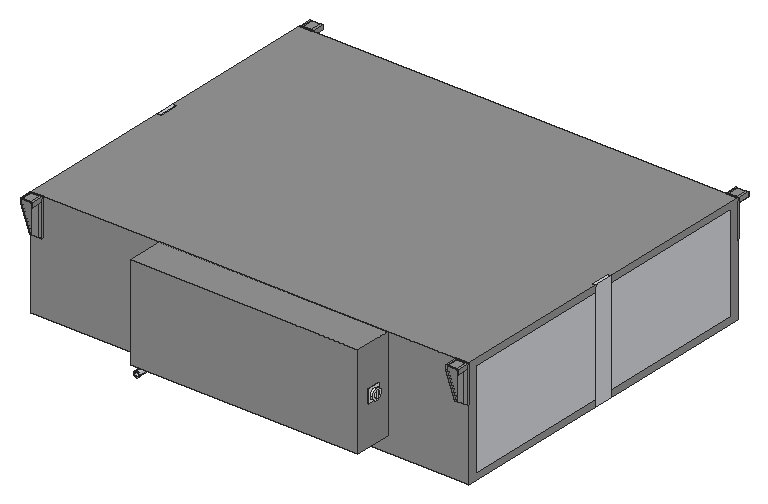
Revit family "НЕВАТОМ_Neiva 2 подвесная CX-Е-R 600, Версия 2", category Оборудование, Revit 2017
Family settings
  Размер круглого соединителя = Использовать диаметр
  Тип детали = Нормальный
  На основе рабочей плоскости = Да
  Всегда вертикально = Нет
  При загрузке вырезать с полостями = Нет
  Общий = Нет
  Точка расчета площади = Нет
Parameters (values of type "СX-600-E-R")
  а1 = 40 mm
  а = 456 mm
  Default Elevation = 1219.2 mm
  m = 271 mm
  l1 = 757 mm
  l штуцер = 125 mm
  l двигателя = 1 mm
  l = 271 mm
  k = 20 mm
  h4 = 62 mm
  h3 = 280 mm
  h двигателя = 362 mm
  h = 0 mm
  d штуцер = 0 mm
  b1 = 122.962 mm
  b двигателя = 536.654 mm
  Nevatom_Производительность = "300-900 м³/ч"
  Nevatom_Напорная характеристика, Р1 = 350.0 Pa
  Nevatom_Напорная характеристика, P = 0.0 Pa
  Nevatom_Мощность нагревателя = 4500 W
  Nevatom_Для задания электроснабжения = "380 В"
  Nevatom_URL = "https://t.me/NEVATOM_Bim_bot"
  Nevatom_Q1, м³/ч = 650.0 m³/h
  Nevatom_Q, м³/ч = 300.0 m³/h
  L = 1460 mm
  H1 = 362 mm
  D PG 16 [instance] = 25 mm
  D PG 11 [instance] = 22 mm
  B = 1122 mm
  ADSK_материал = материал курпуса
  ADSK_Ток = 1.4 A
  ADSK_Расход жидкости = 0.0 m³/h
  ADSK_Расход воздуха = 0.0 m³/h
  ADSK_Размер_Ширина = B  # 1122 mm
  ADSK_Размер_Длина = L  # 1460 mm
  ADSK_Размер_Высота = 362 mm
  ADSK_Примечание = ""
  ADSK_Потеря давления воздуха = 0.0 Pa
  ADSK_Полная мощность = ADSK_Номинальная мощность / ADSK_Коэффициент мощности  # 210 VA
  ADSK_Номинальная мощность = 168 W
  ADSK_Напряжение = 220 V
  ADSK_Наименование = "СX-600-E-R"
  ADSK_Масса = 109
  ADSK_Марка = "СX-600-E-R"
  ADSK_Коэффициент мощности = 0.8  # constant formula
  ADSK_Количество фаз числовое = 3  # constant formula
  ADSK_Количество фаз = 3  # constant formula
  ADSK_Количество = 1  # constant formula
  ADSK_Код изделия = ""
  ADSK_Завод-изготовитель = "НЕВАТОМ"  # constant formula
  ADSK_Единица измерения = "шт."
  ADSK_URL документации изделия = ""
  A6 = 270 mm
  A1 = 500 mm
Reference planes
  plane 1 "По центру (Вперед/Назад)": y = 0
  plane 2: z = 0
  plane 3 "По центру (Влево/Вправо)": x = 0
  plane 4: y = 561
  plane 5: y = -561
  plane 6: x = -730
  plane 7: x = 730
  plane 8: z = 362
  plane 9: x = 459
  plane 10: y = -683.962
  plane 11: x = -298
  plane 12: z = 362
  plane 13: y = -31
  plane 14: y = 31
  plane 15: y = -531
  plane 16: y = 531
  plane 17: z = 20
  plane 18: z = 290
  plane 19: z = 82
  plane 20: z = -42
  plane 21: z = 320
  plane 22: x = -731
  plane 23: y = -24.346
  plane 24: z = 342
Forms (mm)
  Extrusion 1, solid, material "материал курпуса" <- "ADSK_материал"
    sketch origin (0, 0, 0) x (1, 0, 0) y (0, 1, 0)
      loop
        line (-730, 561) -> (-730, -561) -> (730, -561) -> (730, 561) -> (-730, 561)
    from 0 to 20
  Extrusion 2, solid, material "материал курпуса" <- "ADSK_материал"
    sketch origin (1.306, 0, 283.026) x (1, 0, 0) y (0, 1, 0)
      loop
        line (-731.306, 561) -> (-731.306, -561) -> (728.694, -561) -> (728.694, 561) -> (-731.306, 561)
    from 58.974 to 78.974
  Extrusion 3, solid, material "материал курпуса" <- "ADSK_материал"
    sketch origin (0, -325, 0) x (1, 0, 0) y (0, 1, 0)
      loop
        line (-730, 886) -> (-730, 876) -> (730, 876) -> (730, 886) -> (-730, 886)
    from 0 to 362
  Extrusion 4, solid, material "материал курпуса" <- "ADSK_материал"
    sketch origin (0, -1228.795, 0) x (1, 0, 0) y (0, 1, 0)
      loop
        line (-730, 677.795) -> (-730, 667.795) -> (730, 667.795) -> (730, 677.795) -> (-730, 677.795)
    from 0 to 362
  Extrusion 5, solid, material "материал курпуса" <- "ADSK_материал"
    sketch origin (0, -970, 0) x (0, 1, 0) y (0, 0, 1)
      loop
        line (439, 362) -> (409, 362) -> (409, 0) -> (439, 0) -> (439, 362)
    from 718.434 to 730
  Extrusion 6, solid, material "материал курпуса" <- "ADSK_материал"
    sketch origin (-1425, 0, 0) x (0, 1, 0) y (0, 0, 1)
      loop
        line (561, 362) -> (531, 362) -> (531, 0) -> (561, 0) -> (561, 362)
    from 695 to 706.566
  Extrusion 7, solid, material "материал курпуса" <- "ADSK_материал"
    sketch origin (-1425, -1046.075, 0) x (0, 1, 0) y (0, 0, 1)
      loop
        line (515.075, 362) -> (485.075, 362) -> (485.075, 0) -> (515.075, 0) -> (515.075, 362)
    from 695 to 706.566
  Extrusion 8, solid
    sketch origin (0, 0, 0) x (0, 1, 0) y (0, 0, 1)
      loop
        line (31, 0) -> (31, 362) -> (-31, 362) -> (-31, 0) -> (31, 0)
    from 718.434 to 730
  Extrusion 9, solid
    sketch origin (-1350, 0, 0) x (0, 1, 0) y (0, 0, 1)
      loop
        line (31, 0) -> (31, 362) -> (-31, 362) -> (-31, 0) -> (31, 0)
    from 620 to 631.566
  Extrusion 10, solid, not visible
    sketch origin (0, 0, 0) x (1, 0, 0) y (0, 1, 0)
      loop
        line (-731, -24.346) -> (-731, -561) -> (-730, -561) -> (-730, -24.346) -> (-731, -24.346)
    from 0 to 362
  Extrusion 11, solid, material "материал курпуса" <- "ADSK_материал"
    sketch origin (0, 970, 0) x (0, -1, 0) y (0, 0, -1)
      loop
        line (439, -362) -> (439, 0) -> (409, 0) -> (409, -362) -> (439, -362)
    from 718.434 to 730
  Extrusion 12, solid
    sketch origin (0, 0, 0) x (1, 0, 0) y (0, 1, 0)
      loop
        line (710.215, 531) -> (710.215, 31) -> (730, 31) -> (730, 531) -> (710.215, 531)
    from 20 to 342
  Extrusion 13, solid
    sketch origin (0, 0, 0) x (-1, 0, 0) y (0, -1, 0)
      loop
        line (710.215, -531) -> (730, -531) -> (730, -31) -> (710.215, -31) -> (710.215, -531)
    from 20 to 342
  Extrusion 14, solid
    sketch origin (0, 0, 0) x (1, 0, 0) y (0, 1, 0)
      loop
        line (710.215, -531) -> (730, -531) -> (730, -31) -> (710.215, -31) -> (710.215, -531)
    from 20 to 342
  Extrusion 15, solid
    sketch origin (0, 0, 0) x (-1, 0, 0) y (0, -1, 0)
      loop
        line (710.215, 531) -> (710.215, 31) -> (730, 31) -> (730, 531) -> (710.215, 531)
    from 20 to 342
  Extrusion 16, solid, material "материал курпуса" <- "ADSK_материал"
    sketch origin (161, 0, 0) x (-1, 0, 0) y (0, -1, 0)
      loop
        line (-298, 561) -> (459, 561) -> (459, 683.962) -> (-298, 683.962) -> (-298, 561)
    from 50 to 362
Cuts and joins
  joined: Extrusion 1, Extrusion 2, Extrusion 3, Extrusion 4, Extrusion 5, Extrusion 6, Extrusion 7, Extrusion 11
Lines and regions (mm)
  reference lines
    curve 1: line (-883.416, -293.11, 0) -> (-298, -293.11, 0)
    curve 2: line (-298, -293.11, 0) -> (459, 281, 0)
    curve 3: line (459, 281, 0) -> (960, 281, 0)
    curve 4: line (914.089, -281, 0) -> (459, -281, 0)
    curve 5: line (459, -281, 0) -> (-298, 281, 0)
    curve 6: line (-298, 281, 0) -> (-960, 281, 0)
    curve 7: line (0, -531, 360) -> (0, -531, 362)
    curve 8: line (730, -281, 0) -> (890, -281, 0)
    curve 9: line (914.089, -281, 0) -> (861.056, -334.033, 0)
    curve 10: line (914.089, -281, 0) -> (861.056, -227.967, 0)
    curve 11: line (-960, 281, 0) -> (-1013.033, 227.967, 0)
    curve 12: line (-960, 281, 0) -> (-1013.033, 334.033, 0)
    curve 13: line (960, 281, 0) -> (1013.033, 227.967, 0)
    curve 14: line (960, 281, 0) -> (1013.033, 334.033, 0)
    curve 15: line (-883.416, -293.11, 0) -> (-830.383, -346.143, 0)
    curve 16: line (-883.416, -293.11, 0) -> (-830.383, -240.077, 0)
Dimensions and locks
  equal spacing: plane 6, plane 3 "По центру (Влево/Вправо)", plane 7
  "L": plane 6 to plane 7
  equal spacing: plane 4, plane 1 "По центру (Вперед/Назад)", plane 5
  "B": plane 4 to plane 5
  "H1": plane 8 to level
  "l": plane 9 to plane 7
  "b1": plane 5 to plane 10
  "l1": plane 11 to plane 9
  Extrusion 2 to Extrusion 2 = 20 mm
  locked: Extrusion 3 to Extrusion 3 at 10
  locked: Extrusion 4 to Extrusion 4 at 10
  locked: plane 15 to Extrusion 4 at 30
  locked: plane 4 to plane 16 at 30
  locked: Extrusion 5 to Extrusion 5 at 11.566
  locked: Extrusion 6 to Extrusion 6 at 11.566
  locked: Extrusion 7 to Extrusion 7 at 11.566
  equal spacing: plane 14, plane 1 "По центру (Вперед/Назад)", plane 13
  locked: Extrusion 8 to Extrusion 8 at 11.566
  locked: Extrusion 9 to Extrusion 9 at 11.566
  "A1": plane 14 to plane 16
  "A1": plane 13 to plane 15
  "A6": plane 17 to plane 18
  "h": plane 8 to plane 12
  "h3": plane 12 to plane 19
  "h4": plane 17 to plane 20
  "h двигателя": plane 21 to plane 20
  plane 12 to plane 24 = 20 mm
  locked: cut or joined group 1 (Extrusion 1, Extrusion 2, Extrusion 3, Extrusion 4, Extrusion 5, Extrusion 6, Extrusion 7, Extrusion 11) to cut or joined group 1 at 20  (x2)
  cut or joined group 1 to Extrusion 6 = 30 mm
  locked: Extrusion 11 to Extrusion 11 at 11.566
  Extrusion 12 sketch curve to Extrusion 12 sketch curve = 19.785 mm
  locked: Extrusion 12 to Extrusion 12 at 19.785
  Extrusion 13 sketch curve to Extrusion 13 sketch curve = 19.785 mm
  locked: Extrusion 13 to Extrusion 13 at 19.785
  Extrusion 14 sketch curve to Extrusion 14 sketch curve = 19.785 mm
  locked: Extrusion 14 to Extrusion 14 at 19.785
  Extrusion 15 sketch curve to Extrusion 15 sketch curve = 19.785 mm
  locked: Extrusion 15 to Extrusion 15 at 19.785
  locked: Extrusion 16 to nested 10 at 46.939
  locked: Extrusion 16 to nested 11 at 48.439
  locked: Extrusion 16 to nested 12 at 48.439
  locked: Extrusion 16 to nested 13 at 48.439
  locked: Extrusion 16 to nested 14 at 48.439
  locked: Extrusion 16 to nested 15 at 48.439
  aligned and locked: level to plane 2
  aligned and locked: Extrusion 1 sketch curve to plane 4
  aligned and locked: Extrusion 1 sketch curve to plane 7
  aligned and locked: plane 6 to Extrusion 1 sketch curve
  aligned and locked: plane 8 to Extrusion 2
  aligned and locked: Extrusion 2 to plane 6
  aligned and locked: plane 7 to Extrusion 2
  aligned and locked: Extrusion 2 to plane 5
  aligned and locked: plane 4 to Extrusion 2
  aligned and locked: plane 4 to Extrusion 3
  aligned and locked: Extrusion 4 to plane 6
  aligned and locked: plane 7 to Extrusion 4
  aligned and locked: Extrusion 4 to plane 5
  aligned and locked: plane 8 to Extrusion 4
  aligned and locked: plane 8 to Extrusion 3
  aligned and locked: Extrusion 5 to plane 5
  aligned and locked: Extrusion 5 to plane 15
  aligned and locked: plane 7 to Extrusion 5
  aligned and locked: Extrusion 6 to plane 6
  aligned and locked: plane 4 to Extrusion 6
  aligned and locked: Extrusion 7 to plane 5
  aligned and locked: Extrusion 7 to plane 15
  aligned and locked: Extrusion 7 to plane 6
  aligned and locked: plane 8 to Extrusion 8 sketch curve
  aligned and locked: Extrusion 8 sketch curve to level
  aligned and locked: plane 7 to Extrusion 8
  aligned and locked: Extrusion 9 to plane 6
  aligned and locked: plane 8 to Extrusion 9
  aligned and locked: Extrusion 9 to level
  aligned and locked: plane 7 to nested 1
  aligned and locked: plane 5 to nested 1
  aligned and locked: plane 8 to nested 1
  aligned and locked: nested 3 to plane 7
  aligned and locked: plane 4 to nested 3
  aligned and locked: plane 4 to nested 2
  aligned and locked: plane 6 to nested 2
  aligned and locked: nested 3 to plane 8
  aligned and locked: nested 2 to plane 8  (x2)
  aligned and locked: nested 4 to plane 8
  aligned and locked: plane 9 to nested 4
  aligned and locked: nested 5 to plane 6
  aligned and locked: nested 6 to plane 11
  aligned and locked: nested 6 to plane 8
  aligned and locked: plane 8 to nested 5
  aligned and locked: plane 5 to nested 5
  aligned and locked: plane 4 to nested 6
  aligned and locked: plane 4 to nested 4
  aligned and locked: plane 5 to Extrusion 10 sketch curve
  aligned and locked: plane 22 to Extrusion 10 sketch curve
  aligned and locked: Extrusion 10 sketch curve to plane 23
  aligned and locked: Extrusion 10 sketch curve to plane 6
  aligned and locked: nested 7 to plane 22  (x2)
  aligned and locked: plane 5 to nested 7
  aligned and locked: plane 8 to Extrusion 10
  aligned and locked: plane 8 to nested 7
  aligned and locked: plane 7 to cut or joined group 1
  aligned and locked: plane 14 to Extrusion 12
  aligned and locked: Extrusion 12 to plane 16
  aligned and locked: Extrusion 12 to cut or joined group 1
  aligned and locked: plane 17 to Extrusion 12
  aligned and locked: plane 7 to Extrusion 12
  aligned and locked: Extrusion 13 to cut or joined group 1
  aligned and locked: Extrusion 14 to cut or joined group 1
Automatic sketch dimensions
  Extrusion 1 sketch curve to plane 5 = 0 mm
  curve 7 to plane 8 = 0 mm
  curve 7 to plane 15 = 0 mm
  curve 7 to plane 8 = 2 mm
  Extrusion 2 sketch curve to plane 5 = 0 mm
  Extrusion 2 sketch curve to plane 6 = 0 mm
  Extrusion 2 sketch curve to plane 7 = 0 mm
  Extrusion 2 sketch curve to plane 4 = 0 mm
  Extrusion 3 sketch curve to plane 6 = 0 mm
  Extrusion 3 sketch curve to plane 7 = 0 mm
  Extrusion 3 sketch curve to plane 4 = 0 mm
  Extrusion 3 sketch curve to Extrusion 3 sketch curve = 10 mm
  Extrusion 4 sketch curve to plane 5 = 0 mm
  Extrusion 4 sketch curve to plane 6 = 0 mm
  Extrusion 4 sketch curve to plane 7 = 0 mm
  plane 5 to Extrusion 4 sketch curve = 10 mm
  Extrusion 5 sketch curve to plane 5 = 0 mm
  Extrusion 5 sketch curve to level = 0 mm
  Extrusion 5 sketch curve to plane 15 = 0 mm
  Extrusion 5 sketch curve to plane 8 = 0 mm
  Extrusion 6 sketch curve to plane 8 = 0 mm
  Extrusion 6 sketch curve to plane 16 = 0 mm
  Extrusion 6 sketch curve to level = 0 mm
  Extrusion 6 sketch curve to plane 4 = 0 mm
  Extrusion 7 sketch curve to plane 5 = 0 mm
  Extrusion 7 sketch curve to level = 0 mm
  Extrusion 7 sketch curve to plane 15 = 0 mm
  Extrusion 7 sketch curve to plane 8 = 0 mm
  Extrusion 8 sketch curve to plane 13 = 0 mm
  Extrusion 8 sketch curve to plane 14 = 0 mm
  Extrusion 9 sketch curve to level = 0 mm
  Extrusion 9 sketch curve to plane 13 = 0 mm
  Extrusion 9 sketch curve to plane 8 = 0 mm
  Extrusion 9 sketch curve to plane 14 = 0 mm
  Extrusion 11 sketch curve to plane 4 = 0 mm
  Extrusion 11 sketch curve to level = 0 mm
  Extrusion 11 sketch curve to plane 16 = 0 mm
  Extrusion 11 sketch curve to plane 8 = 0 mm
  plane 14 to Extrusion 12 sketch curve = 0 mm
  plane 16 to Extrusion 12 sketch curve = 0 mm
  Extrusion 12 sketch curve to plane 7 = 0 mm
  plane 14 to Extrusion 13 sketch curve = 0 mm
  plane 16 to Extrusion 13 sketch curve = 0 mm
  Extrusion 13 sketch curve to plane 6 = 0 mm
  plane 13 to Extrusion 14 sketch curve = 0 mm
  plane 15 to Extrusion 14 sketch curve = 0 mm
  Extrusion 14 sketch curve to plane 7 = 0 mm
  plane 13 to Extrusion 15 sketch curve = 0 mm
  plane 15 to Extrusion 15 sketch curve = 0 mm
  Extrusion 15 sketch curve to plane 6 = 0 mm
  Extrusion 16 sketch curve to plane 9 = 0 mm
  Extrusion 16 sketch curve to plane 10 = 0 mm
  Extrusion 16 sketch curve to plane 11 = 0 mm
  Extrusion 16 sketch curve to plane 5 = 0 mm
  curve 5 to plane 11 = 0 mm
  curve 2 to plane 11 = 0 mm
  curve 4 to plane 9 = 0 mm
  curve 2 to plane 9 = 0 mm
  curve 8 to plane 7 = 0 mm
  curve 15 to plane 22 = 152.416 mm
  curve 12 to plane 22 = 229 mm
  curve 8 to curve 9 = 184.089 mm
  plane 7 to curve 3 = 230 mm
  curve 16 to plane 15 = 237.89 mm
  plane 13 to curve 9 = 250 mm
  curve 6 to plane 14 = 250 mm
  curve 2 to plane 14 = 250 mm
  curve 1 to curve 15 = 53.033 mm
  curve 1 to curve 16 = 53.033 mm
  curve 12 to curve 6 = 53.033 mm
  curve 11 to curve 6 = 53.033 mm  (x2)
  curve 10 to curve 4 = 53.033 mm
  curve 9 to curve 4 = 53.033 mm  (x2)
  curve 8 to curve 4 = 24.089 mm
  plane 16 to curve 14 = 196.967 mm
  curve 3 to curve 14 = 53.033 mm
  curve 13 to plane 14 = 196.967 mm
  curve 15 to curve 1 = 53.033 mm
  curve 9 to curve 8 = 53.033 mm
Nested families
  nested 1: "NEVATOM_кронштейн" at (710.844, -580.399, 235.206), type "NEVATOM_кронштейн"
  nested 2: "NEVATOM_кронштейн" at (-707.156, 580.399, 235.206), type "NEVATOM_кронштейн"
  nested 3: "NEVATOM_кронштейн" at (710.844, 580.399, 235.206), type "NEVATOM_кронштейн"
  nested 4: "NEVATOM_кронштейн" at (481.844, 580.399, 235.206), type "NEVATOM_кронштейн", not visible
  nested 5: "NEVATOM_кронштейн" at (-707.156, -580.399, 235.206), type "NEVATOM_кронштейн"
  nested 6: "NEVATOM_кронштейн" at (-317.156, 580.399, 235.206), type "NEVATOM_кронштейн", not visible
  nested 7: "NEVATOM_кронштейн" at (-708.156, -580.399, 235.206), type "NEVATOM_кронштейн", not visible
  nested 8: "NEVATOM_штуцер" at (-275.781, -561, 30.578) x (1, 0, 0) z (0, -1, 0), type "NEVATOM_штуцер"
    with d 18 mm
  nested 9: "NEVATOM_выключатель пластик" at (454, -623, 207) x (0, 1, 0) z (1, 0, 0), type "NEVATOM_выключатель пластик"
  nested 10: "NEVATOM_кабельный ввод PG" at (280.5, -624.523, 50) x (-1, 0, 0) z (0, 0, -1), D <- "D PG 16", type "Кабельный ввод PG"
    with h 17.5 mm, d 12.5 mm, D 25 mm
  nested 11: "NEVATOM_кабельный ввод PG" at (249, -624.523, 50) x (-1, 0, 0) z (0, 0, -1), D <- "D PG 11", type "Кабельный ввод PG"
    with h 15.4 mm, d 11 mm, D 22 mm
  nested 12: "NEVATOM_кабельный ввод PG" at (220.605, -624.523, 50) x (-1, 0, 0) z (0, 0, -1), D <- "D PG 11", type "Кабельный ввод PG"
    with h 15.4 mm, d 11 mm, D 22 mm
  nested 13: "NEVATOM_кабельный ввод PG" at (192.211, -624.523, 50) x (-1, 0, 0) z (0, 0, -1), D <- "D PG 11", type "Кабельный ввод PG"
    with h 15.4 mm, d 11 mm, D 22 mm
  nested 14: "NEVATOM_кабельный ввод PG" at (163.816, -624.523, 50) x (-1, 0, 0) z (0, 0, -1), D <- "D PG 11", type "Кабельный ввод PG"
    with h 15.4 mm, d 11 mm, D 22 mm
  nested 15: "NEVATOM_кабельный ввод PG" at (135.421, -624.523, 50) x (-1, 0, 0) z (0, 0, -1), D <- "D PG 11", type "Кабельный ввод PG"
    with h 15.4 mm, d 11 mm, D 22 mm
Connectors
  hvac at (730, -281, 181), driven by "A6", driven by "A1", driven by "ADSK_Расход воздуха"
    settings: on Extrusion 14, index 6, duct flow 0.0 m³/h, flow factor 0, pres drop 0.0 Pa, loss coef 0, conn angle 0.00°, conn width 500 mm, conn height 270 mm, conn diameter 609.6 mm, duct sys type 1, conn prof type 1, flow config 2, flow direction 2, loss method 0, conn ref index 8, conn util no, is conn primary yes, conn desc ""
  hvac at (730, 281, 181), driven by "A6", driven by "A1", driven by "ADSK_Расход воздуха"
    settings: on Extrusion 12, index 7, duct flow 0.0 m³/h, flow factor 0, pres drop 0.0 Pa, loss coef 0, conn angle 0.00°, conn width 500 mm, conn height 270 mm, conn diameter 609.6 mm, duct sys type 3, conn prof type 1, flow config 2, flow direction 1, loss method 0, conn ref index 9, conn util no, is conn primary no, conn desc ""
  hvac at (-730, 281, 181), driven by "A6", driven by "A1", driven by "ADSK_Расход воздуха"
    settings: on Extrusion 13, index 8, duct flow 0.0 m³/h, flow factor 0, pres drop 0.0 Pa, loss coef 0, conn angle 0.00°, conn width 500 mm, conn height 270 mm, conn diameter 609.6 mm, duct sys type 29, conn prof type 1, flow config 0, flow direction 1, loss method 0, conn ref index 6, conn util no, is conn primary no, conn desc ""
  hvac at (-731, -292.673, 181), driven by "A6", driven by "A1", driven by "ADSK_Расход воздуха"
    settings: on Extrusion 10, index 9, duct flow 0.0 m³/h, flow factor 0, pres drop 0.0 Pa, loss coef 0, conn angle 0.00°, conn width 500 mm, conn height 270 mm, conn diameter 609.6 mm, duct sys type 29, conn prof type 1, flow config 0, flow direction 2, loss method 0, conn ref index 7, conn util no, is conn primary no, conn desc ""
  piping at (-275.781, -686, 30.578), diameter 18, driven by "ADSK_Расход жидкости"
    settings: on nested 8, index 10, connector inside diameter 609.6 mm, connector length 0 mm, flow factor 0, pipe flow 0.0 m³/h, pressure drop 0.0 Pa, fitting loss kfactor 0, connector angle 0.00°, fixture units 0, engagement length 0 mm, angle of deflection 0.00°, flow configuration 0, flow direction 0, fitting loss method 0, system type 19, joint type 0, gender type 0, connector reference index -1, connector utility 0, adjustable connector no, is connector primary yes, connector description ""
  electrical at (280.5, -624.523, 50), driven by "ADSK_Количество фаз", driven by "ADSK_Напряжение", driven by "ADSK_Полная мощность", driven by "ADSK_Коэффициент мощности"
    settings: on nested 10, index 11, voltage 220 V, apparent load 0 VA, apparent load phase1 210 VA, apparent load phase2 0 VA, apparent load phase3 0 VA, power factor 0.8, load classification "Двигатель", number of poles 3, system type 31, power factor state 1, is connector primary yes, connector utility no, sub classification motor no, connector description ""
  electrical at (249, -624.523, 50), driven by "ADSK_Количество фаз", driven by "ADSK_Напряжение", driven by "ADSK_Полная мощность", driven by "ADSK_Коэффициент мощности"
    settings: on nested 11, index 12, voltage 220 V, apparent load 0 VA, apparent load phase1 210 VA, apparent load phase2 0 VA, apparent load phase3 0 VA, power factor 0.8, load classification "Двигатель", number of poles 3, system type 31, power factor state 1, is connector primary no, connector utility no, sub classification motor no, connector description ""
  electrical at (220.605, -624.523, 50)
    settings: on nested 12, index 13, voltage 0 V, apparent load 0 VA, apparent load phase1 0 VA, apparent load phase2 0 VA, apparent load phase3 0 VA, power factor 1, load classification "Прочее", number of poles 1, system type 5, power factor state 1, is connector primary no, connector utility no, sub classification motor no, connector description ""
  electrical at (192.211, -624.523, 50)
    settings: on nested 13, index 14, voltage 0 V, apparent load 0 VA, apparent load phase1 0 VA, apparent load phase2 0 VA, apparent load phase3 0 VA, power factor 1, load classification "Прочее", number of poles 1, system type 14, power factor state 1, is connector primary no, connector utility no, sub classification motor no, connector description ""
  electrical at (163.816, -624.523, 50)
    settings: on nested 14, index 15, voltage 0 V, apparent load 0 VA, apparent load phase1 0 VA, apparent load phase2 0 VA, apparent load phase3 0 VA, power factor 1, load classification "Прочее", number of poles 1, system type 5, power factor state 1, is connector primary no, connector utility no, sub classification motor no, connector description ""
  electrical at (135.421, -624.523, 50)
    settings: on nested 15, index 16, voltage 0 V, apparent load 0 VA, apparent load phase1 0 VA, apparent load phase2 0 VA, apparent load phase3 0 VA, power factor 1, load classification "Прочее", number of poles 1, system type 5, power factor state 1, is connector primary no, connector utility no, sub classification motor no, connector description ""
Definition of nested family "NEVATOM_кронштейн"
  Reference planes
    plane 1 "По центру (Вперед/Назад)": y = 0
    plane 2: z = 0
    plane 3 "По центру (Влево/Вправо)": x = 0
  Forms (mm)
    Extrusion 1, solid
      sketch origin (-545.844, 366.399, 0) x (0, 1, 0) y (0, 0, 1)
        loop
          line (-351.118, 126.794) -> (-389, 126.794) -> (-389, 111.794) -> (-351.118, 3.126) -> (-351.118, 126.794)
      from 523 to 527.712
    Extrusion 2, solid
      sketch origin (-545.844, 301.399, 0) x (1, 0, 0) y (0, 0, 1)
        loop
          line (557.712, 126.794) -> (557.712, 123.742) -> (561.763, 123.742) -> (561.763, 111.794) -> (565, 111.794) -> (565, 126.794) -> (557.712, 126.794)
      from 286.118 to 324
    Extrusion 3, solid
      sketch origin (-545.844, 301.399, 20) x (1, 0, 0) y (0, 0, 1)
        loop
          line (565, -16.874) -> (565, 106.794) -> (553, 106.794) -> (553, -16.874) -> (565, -16.874)
      from 282 to 286.118
    Extrusion 4, solid
      sketch origin (-545.844, 301.399, 20) x (1, 0, 0) y (0, 0, 1)
        loop
          line (565, -16.874) -> (565, 106.794) -> (523, 106.794) -> (523, -16.874) -> (565, -16.874)
      from 282 to 286.118
    Extrusion 5, solid
      sketch origin (-545.844, 301.399, 0) x (1, 0, 0) y (0, 0, 1)
        loop
          line (527.712, 126.794) -> (527.712, 123.742) -> (561.763, 123.742) -> (561.763, 111.794) -> (565, 111.794) -> (565, 126.794) -> (527.712, 126.794)
      from 286.118 to 324
  Dimensions and locks
    aligned and locked: level to plane 2
Definition of nested family "NEVATOM_штуцер"
  Parameters (values of type "NEVATOM_штуцер")
    Default Elevation = 1219.2 mm
    h = 125 mm
    d1 = 15 mm
    d [instance] = 18 mm
  Reference planes
    plane 1 "По центру (Вперед/Назад)": y = 0
    plane 2: z = 0
    plane 3 "По центру (Влево/Вправо)": x = 0
    plane 4: z = 125
  Forms (mm)
    Extrusion 1, solid
      sketch origin (0, 0, 0) x (1, 0, 0) y (0, 1, 0)
        loop
          line (-1219.2, 1219.2) -> (-1219.2, -1219.2) -> (1219.2, -1219.2) -> (1219.2, 1219.2) -> (-1219.2, 1219.2)
      from 0 to -304.8
    Extrusion 2, solid
      sketch origin (0, 0, 0) x (1, 0, 0) y (0, 1, 0)
        loop
          circle (0, 0) r 9
        loop
          circle (0, 0) r 7.5
      from 0 to 125
  Dimensions and locks
    "h": plane 4 to level
    "d1": diameter of Extrusion 2 sketch curve
    "d": diameter of Extrusion 2 sketch curve
    aligned and locked: plane 2 to Extrusion 1
    aligned and locked: level to Extrusion 1
    aligned and locked: Extrusion 2 to level
    aligned and locked: plane 4 to Extrusion 2
  Automatic sketch dimensions
    Extrusion 1 sketch curve to Extrusion 1 sketch curve = 2438.4 mm  (x2)
    Extrusion 2 sketch curve to Extrusion 2 sketch curve = 0 mm  (x2)
    plane 1 "По центру (Вперед/Назад)" to Extrusion 2 sketch curve = 0 mm
    Extrusion 2 sketch curve to plane 3 "По центру (Влево/Вправо)" = 0 mm
Definition of nested family "NEVATOM_выключатель пластик"
  Parameters (values of type "NEVATOM_выключатель пластик")
    Default Elevation = 1219.2 mm
    h = 18 mm
    b = 44 mm
    a = 44 mm
  Reference planes
    plane 1 "По центру (Вперед/Назад)": y = 0
    plane 2: z = 0
    plane 3 "По центру (Влево/Вправо)": x = 0
    plane 4: x = -22
    plane 5: x = 22
    plane 6: y = -22
    plane 7: y = 22
    plane 8: z = 18
  Forms (mm)
    Extrusion 1, solid
      sketch origin (0, 0, 0) x (1, 0, 0) y (0, 1, 0)
        loop
          line (-22, 22) -> (-22, -22) -> (22, -22) -> (22, 22) -> (-22, 22)
      from 5 to 10
    Extrusion 2, solid
      sketch origin (0, 0, 0) x (1, 0, 0) y (0, 1, 0)
        loop
          circle (0, 0) r 17.083
        loop
          circle (0, 0) r 13.032
      from 10 to 20
    Extrusion 3, solid
      sketch origin (0, 0, 0) x (1, 0, 0) y (0, 1, 0)
        loop
          line (-1.523, -13.032) -> (1.565, -13.032) -> (1.565, 12.938) -> (-1.523, 12.938) -> (-1.523, -13.032)
      from 5 to 20
  Cuts and joins
    joined: Extrusion 1, Extrusion 2
  Dimensions and locks
    equal spacing: plane 7, plane 1 "По центру (Вперед/Назад)", plane 6
    "a": plane 7 to plane 6
    equal spacing: plane 4, plane 3 "По центру (Влево/Вправо)", plane 5
    "b": plane 4 to plane 5
    "h": plane 8 to level
    aligned and locked: level to plane 2
  Automatic sketch dimensions
    Extrusion 1 sketch curve to plane 4 = 0 mm
    Extrusion 1 sketch curve to plane 5 = 0 mm
    Extrusion 1 sketch curve to plane 6 = 0 mm
    Extrusion 1 sketch curve to plane 7 = 0 mm
    Extrusion 2 sketch curve to Extrusion 2 sketch curve = 0 mm  (x2)
    plane 1 "По центру (Вперед/Назад)" to Extrusion 2 sketch curve = 0 mm
    Extrusion 2 sketch curve to plane 3 "По центру (Влево/Вправо)" = 0 mm
    Extrusion 3 sketch curve to plane 3 "По центру (Влево/Вправо)" = 1.523 mm
    plane 3 "По центру (Влево/Вправо)" to Extrusion 3 sketch curve = 1.565 mm
    plane 6 to Extrusion 3 sketch curve = 8.968 mm
    Extrusion 3 sketch curve to plane 7 = 9.062 mm
    radius of Extrusion 2 sketch curve = 17.083 mm
    radius of Extrusion 2 sketch curve = 13.032 mm
Definition of nested family "NEVATOM_кабельный ввод PG"
  Parameters (values of type "Кабельный ввод PG")
    Default Elevation = 1219.2 mm
    h [instance] = 0.7 * D  # 21 mm
    d [instance] = 0.5 * D  # 15 mm
    D [instance] = 30 mm
  Reference planes
    plane 1 "По центру (Вперед/Назад)": y = 0
    plane 2: z = 0
    plane 3 "По центру (Влево/Вправо)": x = 0
    plane 4: y = 15
    plane 5: y = -15
    plane 6: x = -15
    plane 7: x = 15
    plane 8: through (0, 0, 1219.2) normal (-0.7071, 0.7071, 0)
    plane 9: through (0, 0, 1219.2) normal (-0.7071, -0.7071, 0)
    plane 10: through (10.607, -10.607, 1219.2) normal (-0.7071, 0.7071, 0)
    plane 11: through (-10.607, 10.607, 1219.2) normal (-0.7071, 0.7071, 0)
    plane 12: through (10.607, 10.607, 1219.2) normal (-0.7071, -0.7071, 0)
    plane 13: through (-10.607, -10.607, 1219.2) normal (-0.7071, -0.7071, 0)
    plane 14: z = 30
    plane 15: z = 21
  Forms (mm)
    Extrusion 1, solid
      sketch origin (0, 0, 0) x (1, 0, 0) y (0, 1, 0)
        loop
          line (-1219.2, 1219.2) -> (-1219.2, -1219.2) -> (1219.2, -1219.2) -> (1219.2, 1219.2) -> (-1219.2, 1219.2)
      from 0 to -304.8
    Extrusion 2, solid
      sketch origin (0, 0, 0) x (1, 0, 0) y (0, 1, 0)
        loop
          line (-6.213, 15) -> (-15, 6.213) -> (-15, -6.213) -> (-6.213, -15) -> (6.213, -15) -> (15, -6.213) -> (15, 6.213) -> (6.213, 15) -> (-6.213, 15)
      from 0 to 21
    Blend 3, solid
      base sketch origin (0, 0, 0) x (1, 0, 0) y (0, 1, 0)
        loop
          circle (0, 0) r 15
      top sketch origin (0, 0, 0) x (1, 0, 0) y (0, 1, 0)
        loop
          circle (0, 0) r 7.5
      from 21 to 30
    Extrusion 4, void
      sketch origin (0, 0, 0) x (1, 0, 0) y (0, 1, 0)
        loop
          circle (0, 0) r 7.5
      from 0 to 30
  Cuts and joins
    Extrusion 4 cuts Extrusion 2
    Extrusion 4 cuts Blend 3
    joined: Extrusion 2, Blend 3
  Dimensions and locks
    equal spacing: plane 6, plane 3 "По центру (Влево/Вправо)", plane 7
    equal spacing: plane 4, plane 1 "По центру (Вперед/Назад)", plane 5
    "D": plane 6 to plane 7
    "D": plane 4 to plane 5
    equal spacing: plane 11, plane 8, plane 10
    "D": plane 11 to plane 10
    equal spacing: plane 12, plane 9, plane 13
    "D": plane 12 to plane 13
    "D": plane 14 to Extrusion 1
    "h": plane 15 to Extrusion 1
    "D": diameter of Blend 3 sketch curve
    "d": diameter of Blend 3 sketch curve
    "d": diameter of Extrusion 4 sketch curve
    aligned and locked: plane 2 to Extrusion 1
    aligned and locked: level to Extrusion 1
    aligned and locked: Extrusion 2 sketch curve to plane 4
    aligned and locked: Extrusion 2 sketch curve to plane 12
    aligned and locked: plane 7 to Extrusion 2 sketch curve
    aligned and locked: plane 10 to Extrusion 2 sketch curve
    aligned and locked: plane 5 to Extrusion 2 sketch curve
    aligned and locked: plane 13 to Extrusion 2 sketch curve
    aligned and locked: Extrusion 2 sketch curve to plane 6
    aligned and locked: Extrusion 2 sketch curve to plane 11
    aligned and locked: plane 15 to Extrusion 2
    aligned and locked: plane 14 to Blend 3
    aligned and locked: Blend 3 to plane 15
    aligned and locked: plane 14 to Extrusion 4
  Automatic sketch dimensions
    Extrusion 1 sketch curve to Extrusion 1 sketch curve = 2438.4 mm  (x2)
    plane 1 "По центру (Вперед/Назад)" to Blend 3 sketch curve = 0 mm  (x2)
    Blend 3 sketch curve to plane 3 "По центру (Влево/Вправо)" = 0 mm  (x2)
    plane 1 "По центру (Вперед/Назад)" to Extrusion 4 sketch curve = 0 mm
    Extrusion 4 sketch curve to plane 3 "По центру (Влево/Вправо)" = 0 mm
